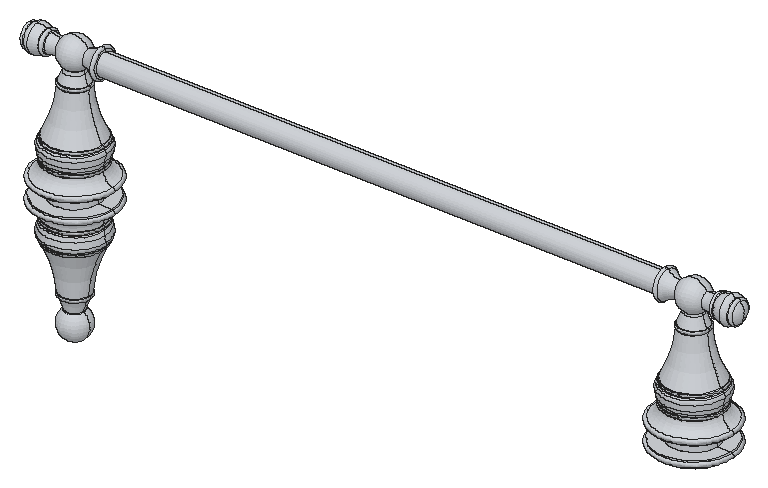
Revit family "Accessory-Towel_Bar-KOHLER-REVIVAL-K-72709T_12", category Specialty Equipment, host Face, Revit 2017
Family settings
  Host = Face
  Round Connector Dimension = Use Diameter
  Part Type = Normal
  OmniClass Number = 23.31.25.25
  OmniClass Title = Towel Bars
  Cut with Voids When Loaded = No
  Shared = No
  Room Calculation Point = No
Parameters (values of type "CP-Polished Chrome")
  Width = 17 251/256"  # constant formula
  WaterSense Certified = 1 = 0  # no
  URL = "http://www.kohler.com.cn/"
  Type = 1
  Product Page URL = ""
  Product Name = "REVIVAL"  # constant formula
  Product Documentation Link = ""
  Model = if(Type = 1, "K-72709T-CP", if(Type = 2, "K-72709T-AF", "NA"))  # "K-72709T-CP"
  Material = "Premium Metal Construction"  # constant formula
  Master Format 2014 Name = "Toilet, Bath, and Laundry Accessories"  # constant formula
  Master Format 2014 = "10 28 00"  # constant formula
  Manufacturer Address = "Kohler Beijing Office (100016) 36-2-03-B, No. 88, Liuxiang Road, Beijing"  # constant formula
  Manufacturer = "KOHLER Co."  # constant formula
  Length = 7 61/64"  # constant formula
  Height = 2 39/128"  # constant formula
  Finish = Kohler-Metal-CP-Polished_Chrome
  Environmental Product Declaration = ""
  Description = "REVIVAL TOWEL BAR AT VANITY"  # constant formula
  Default Elevation = 42"
  Declare Label = ""
  Date Modified = "04/21/2021"  # constant formula
  Date Created = "04/21/2021"  # constant formula
  Copyright = "Copyright KOHLER Co."  # constant formula
  Contact Us = "http://www.kohler.com.cn/contact/contact-us/"
  Assembly Code = "C1030200"
  ADA Compliant = 1 = 0  # no
Reference planes (in)
  plane 1 "Center (Front/Back)": y = 0
  plane 2: z = 0
  plane 3 "Center (Left/Right)": x = 0
  plane 4: y = 0.3125
  plane 5: y = -0.3125
  plane 6: x = -10.1395
  plane 7: x = -8.98969
  plane 8: x = -7.83997
  plane 9: z = 3.63229
  plane 10: z = 3.31979
  plane 11: z = -4.15453
  plane 12: x = -10.44014
  plane 13: z = 0.90551
  plane 14: x = 10.14045
  plane 15: x = 8.99078
  plane 16: x = 7.8389
  plane 17: x = 10.44014
  plane 18: y = 1.15156
  plane 19: y = 0.44201
  plane 20: y = -0.44201
  plane 21: y = -1.15313
  plane 22: y = 0.89967
  plane 23: y = -0.89967
  plane 24: z = -0.67376
  plane 25: z = -0.3588
  plane 26: z = 3.7986
  plane 27: z = 3.00729
Forms (in)
  Extrusion 1, void
    sketch origin (0, 0.00781, 0) x (1, 0, 0) y (0, 1, 0)
      loop
        circle (-8.98969, 0) r 0.75
    from -0.3937 to 0
  Extrusion 2, void
    sketch origin (0, 0, 0) x (1, 0, 0) y (0, 1, 0)
      loop
        circle (-8.98969, 0) r 1.15281
    from -4.1801 to -0.3937
  Extrusion 3, void
    sketch origin (0, 0, 0) x (1, 0, 0) y (0, 1, 0)
      loop
        circle (8.99078, 0) r 1.15223
    from -0.7078 to -0.39328
  Extrusion 4, void
    sketch origin (0, 0, 0) x (1, 0, 0) y (0, 1, 0)
      loop
        circle (8.99078, 0) r 0.75
    from -0.39328 to 0
Dimensions and locks (in)
  plane 11 to level = 4.15453"
  plane 10 to level = 3.31979"
  level to plane 25 = 0.3588"
  plane 25 to plane 11 = 3.79573"
  "Width": plane 7 to plane 15
  level to plane 24 = 0.67376"
  plane 6 to plane 8 = 2.29953"
  "Height": plane 21 to plane 18
  "Length": plane 26 to plane 11
  plane 12 to plane 17 = 20.88028"
  aligned and locked: plane 2 to host face
  aligned and locked: level to host face
Automatic sketch dimensions
  host sketch curve to host sketch curve = 96"  (x2)
  Extrusion 1 sketch curve to plane 7 = 0"
  Extrusion 1 sketch curve to plane 1 "Center (Front/Back)" = 1/128"
  plane 1 "Center (Front/Back)" to Extrusion 2 sketch curve = 0"
  Extrusion 2 sketch curve to plane 7 = 0"
  plane 1 "Center (Front/Back)" to Extrusion 3 sketch curve = 0"
  Extrusion 3 sketch curve to plane 15 = 0"
  plane 1 "Center (Front/Back)" to Extrusion 4 sketch curve = 0"
  Extrusion 4 sketch curve to plane 15 = 0"
  radius of Extrusion 1 sketch curve = 3/4"
  radius of Extrusion 2 sketch curve = 1.15281"
  radius of Extrusion 3 sketch curve = 1.15223"
  radius of Extrusion 4 sketch curve = 3/4"
Nested families (in)
  nested 1: "K-72709T" at (0, 0, 0), type "K-72709T"
Definition of nested family "K-72709T"
  Parameters (values of type "K-72709T")
    Material = none
  Reference planes (in)
    plane 1 "Center (Front/Back)": y = 0
    plane 2: z = 0
    plane 3 "Center (Left/Right)": x = 0
    plane 4: z = 3.31979
    plane 5: x = -8.98969
    plane 6: x = 8.98969
    plane 7: x = -10.07236
    plane 8: x = -10.44014
    plane 9: x = -10.25195
    plane 10: x = -10.32875
    plane 11: x = -9.77582
    plane 12: x = -9.68997
    plane 13: x = -9.39341
    plane 14: x = -8.54864
    plane 15: x = -8.2255
    plane 16: x = -8.12968
    plane 17: x = 8.12968
    plane 18: x = 8.2255
    plane 19: x = 8.58596
    plane 20: x = 9.39341
    plane 21: x = 9.68997
    plane 22: x = 9.77582
    plane 23: x = 10.25195
    plane 24: x = 10.32875
    plane 25: x = 10.44014
    plane 26: x = -8.58596
    plane 27: x = -9.37105
    plane 28: x = -8.60832
    plane 29: x = 8.60704
    plane 30: x = 9.37137
    plane 31: x = 9.8043
    plane 32: x = 10.20917
    plane 33: x = -10.20917
    plane 34: x = -9.8043
    plane 35: z = 3.63229
    plane 36: z = 3.00729
    plane 37: z = 2.572
    plane 38: z = 2.51616
    plane 39: z = 1.16168
    plane 40: z = 1.11546
    plane 41: z = 0.57505
    plane 42: z = 0.51723
    plane 43: z = 0.15877
    plane 44: z = 0.04021
    plane 45: z = -0.39328
    plane 46: z = 2.50561
    plane 47: z = 1.10167
    plane 48: z = 0.58623
    plane 49: z = -0.4334
    plane 50: z = -0.54974
    plane 51: z = -0.70824
    plane 52: x = -7.90701
    plane 53: z = -0.91051
    plane 54: z = -1.49495
    plane 55: z = -0.96833
    plane 56: z = -1.50874
    plane 57: z = -0.97951
    plane 58: z = -1.55496
    plane 59: z = -2.89889
    plane 60: z = -2.96528
    plane 61: z = -3.33592
    plane 62: z = -3.35886
    plane 63: z = 3.76166
    plane 64: z = 3.71964
    plane 65: z = 3.65993
    plane 66: z = 2.97965
    plane 67: z = 3.02037
    plane 68: z = 3.61921
    plane 69: z = 2.91983
    plane 70: z = -2.90944
    plane 71: z = -4.15453
    plane 72: x = -10.1395
    plane 73: x = -7.83997
    plane 74: x = 7.90675
    plane 75: x = 7.8389
    plane 76: x = 10.07263
    plane 77: x = 10.14045
    plane 78: y = 1.14969
    plane 79: y = 0.3125
    plane 80: y = -0.3125
    plane 81: y = -1.15004
    plane 82: y = 1.07883
    plane 83: y = 0.83508
    plane 84: y = 0.89967
    plane 85: y = -1.07883
    plane 86: y = -0.83508
    plane 87: y = -0.89967
  Forms (in)
    Revolve 1, solid, material <- "Material", detail levels medium+fine
      sketch origin (0, 0, 0.03937) x (1, 0, 0) y (0, 0, 1)
        loop
          line (-9.68555, -0.43265) -> (-10.07236, -0.43265) -> (-10.07236, -0.47202)
          arc (-10.07236, -0.47202) -> (-10.13942, -0.53357) -> (-10.06845, -0.59058) r 0.06
          arc (-10.06845, -0.59058) -> (-9.88693, -0.72006) -> (-9.81023, -0.92942) r 0.37722
          arc (-9.81023, -0.92942) -> (-9.81369, -0.94452) -> (-9.82458, -0.95553) r 0.02833
          arc (-9.82458, -0.95553) -> (-9.83977, -0.98037) -> (-9.82666, -1.00637) r 0.02993
          arc (-9.82666, -1.00637) -> (-9.81767, -1.01851) -> (-9.81826, -1.0336) r 0.02278
          arc (-9.81826, -1.0336) -> (-9.82765, -1.05879) -> (-9.83606, -1.08433) r 0.68842
          arc (-9.83606, -1.08433) -> (-9.85175, -1.13895) -> (-9.86536, -1.19413) r 1.50397
          arc (-9.86536, -1.19413) -> (-9.88124, -1.28179) -> (-9.88942, -1.37051) r 1.01991
          arc (-9.88942, -1.37051) -> (-9.88431, -1.42541) -> (-9.86415, -1.47673) r 0.19637
          arc (-9.86415, -1.47673) -> (-9.84829, -1.50001) -> (-9.82882, -1.52036) r 0.17054
          arc (-9.82882, -1.52036) -> (-9.82078, -1.53396) -> (-9.82218, -1.54969) r 0.02576
          arc (-9.82218, -1.54969) -> (-9.82272, -1.57187) -> (-9.80796, -1.58844) r 0.0302
          arc (-9.80796, -1.58844) -> (-9.79519, -1.59752) -> (-9.7857, -1.61001) r 0.05196
          arc (-9.7857, -1.61001) -> (-9.52315, -2.24592) -> (-9.40111, -2.923) r 3.23281
          arc (-9.40111, -2.923) -> (-9.40429, -2.93789) -> (-9.41494, -2.94878) r 0.02735
          arc (-9.41494, -2.94878) -> (-9.42923, -2.97958) -> (-9.40463, -3.00297) r 0.02911
          arc (-9.40463, -3.00297) -> (-9.39027, -3.00867) -> (-9.38016, -3.02037) r 0.03247
          arc (-9.38016, -3.02037) -> (-9.30397, -3.19304) -> (-9.24772, -3.37319) r 1.67157
          arc (-9.24772, -3.37319) -> (-9.24843, -3.38915) -> (-9.25778, -3.4021) r 0.02788
          arc (-9.25778, -3.4021) -> (-9.40707, -3.89379) -> (-8.98969, -4.19353) r 0.44134
          line (-8.98969, -4.19353) -> (-8.98969, 3.52105) -> (-9.25778, 3.52105) -> (-9.25778, 2.91325)
          arc (-9.25778, 2.91325) -> (-9.26176, 2.86092) -> (-9.27359, 2.8098) r 0.34645
          arc (-9.27359, 2.8098) -> (-9.32136, 2.67704) -> (-9.38016, 2.54877) r 1.67157
          arc (-9.38016, 2.54877) -> (-9.39027, 2.53708) -> (-9.40463, 2.53137) r 0.03247
          arc (-9.40463, 2.53137) -> (-9.42923, 2.50798) -> (-9.41494, 2.47718) r 0.02911
          arc (-9.41494, 2.47718) -> (-9.40429, 2.4663) -> (-9.40111, 2.4514) r 0.02735
          arc (-9.40111, 2.4514) -> (-9.52315, 1.77433) -> (-9.7857, 1.13841) r 3.23281
          arc (-9.7857, 1.13841) -> (-9.79519, 1.12593) -> (-9.80796, 1.11684) r 0.05196
          arc (-9.80796, 1.11684) -> (-9.82272, 1.10027) -> (-9.82218, 1.07809) r 0.0302
          arc (-9.82218, 1.07809) -> (-9.82078, 1.06236) -> (-9.82882, 1.04877) r 0.02576
          arc (-9.82882, 1.04877) -> (-9.84829, 1.02841) -> (-9.86415, 1.00514) r 0.17054
          arc (-9.86415, 1.00514) -> (-9.88431, 0.95382) -> (-9.88942, 0.89891) r 0.19637
          arc (-9.88942, 0.89891) -> (-9.88124, 0.8102) -> (-9.86536, 0.72254) r 1.01991
          arc (-9.86536, 0.72254) -> (-9.85175, 0.66736) -> (-9.83606, 0.61273) r 1.50397
          arc (-9.83606, 0.61273) -> (-9.82765, 0.5872) -> (-9.81826, 0.56201) r 0.68842
          arc (-9.81826, 0.56201) -> (-9.81767, 0.54691) -> (-9.82666, 0.53477) r 0.02278
          arc (-9.82666, 0.53477) -> (-9.83977, 0.50878) -> (-9.82458, 0.48394) r 0.02993
          arc (-9.82458, 0.48394) -> (-9.81369, 0.47292) -> (-9.81023, 0.45782) r 0.02833
          arc (-9.81023, 0.45782) -> (-9.88693, 0.24846) -> (-10.06845, 0.11898) r 0.37722
          arc (-10.06845, 0.11898) -> (-10.13942, 0.06198) -> (-10.07236, 0.00042) r 0.06
          line (-10.07236, 0.00042) -> (-10.07236, -0.03937) -> (-9.68555, -0.03937) -> (-9.67941, -0.43307)
        axis (-8.98969, 3.52105) -> (-8.98969, -4.19353)
      angle from 0 to 360
    Revolve 2, solid, material <- "Material", detail levels medium+fine
      sketch origin (0, 0, 0.03937) x (-1, 0, 0) y (0, 0, 1)
        loop
          line (-9.67942, -0.43265) -> (-10.07265, -0.43265) -> (-10.07265, -0.47267)
          arc (-10.07265, -0.47267) -> (-10.14113, -0.52805) -> (-10.08018, -0.59162) r 0.05981
          arc (-10.08018, -0.59162) -> (-9.97522, -0.62275) -> (-9.90779, -0.709) r 0.17975
          arc (-9.90779, -0.709) -> (-9.88613, -0.737) -> (-9.85235, -0.74761) r 0.05911
          line (-9.85235, -0.74761) -> (-8.98969, -0.74761) -> (-8.98969, 3.49215) -> (-9.24772, 3.49215) -> (-9.24772, 2.94228)
          arc (-9.24772, 2.94228) -> (-9.25063, 2.89974) -> (-9.2593, 2.85799) r 0.31247
          arc (-9.2593, 2.85799) -> (-9.31204, 2.70037) -> (-9.38016, 2.54877) r 1.67157
          arc (-9.38016, 2.54877) -> (-9.39027, 2.53708) -> (-9.40463, 2.53137) r 0.03247
          arc (-9.40463, 2.53137) -> (-9.42923, 2.50798) -> (-9.41494, 2.47718) r 0.02911
          arc (-9.41494, 2.47718) -> (-9.40429, 2.4663) -> (-9.40111, 2.4514) r 0.02735
          arc (-9.40111, 2.4514) -> (-9.52315, 1.77433) -> (-9.7857, 1.13841) r 3.23281
          arc (-9.7857, 1.13841) -> (-9.79519, 1.12593) -> (-9.80796, 1.11684) r 0.05196
          arc (-9.80796, 1.11684) -> (-9.82272, 1.10027) -> (-9.82218, 1.07809) r 0.0302
          arc (-9.82218, 1.07809) -> (-9.82078, 1.06236) -> (-9.82882, 1.04877) r 0.02576
          arc (-9.82882, 1.04877) -> (-9.84829, 1.02841) -> (-9.86415, 1.00514) r 0.17054
          arc (-9.86415, 1.00514) -> (-9.88431, 0.95382) -> (-9.88942, 0.89891) r 0.19637
          arc (-9.88942, 0.89891) -> (-9.88124, 0.8102) -> (-9.86536, 0.72254) r 1.01991
          arc (-9.86536, 0.72254) -> (-9.85175, 0.66736) -> (-9.83606, 0.61273) r 1.50397
          arc (-9.83606, 0.61273) -> (-9.82765, 0.5872) -> (-9.81826, 0.56201) r 0.68842
          arc (-9.81826, 0.56201) -> (-9.81767, 0.54691) -> (-9.82666, 0.53477) r 0.02278
          arc (-9.82666, 0.53477) -> (-9.83977, 0.50878) -> (-9.82458, 0.48394) r 0.02993
          arc (-9.82458, 0.48394) -> (-9.81369, 0.47292) -> (-9.81023, 0.45782) r 0.02833
          arc (-9.81023, 0.45782) -> (-9.88677, 0.24866) -> (-10.06797, 0.11914) r 0.37722
          arc (-10.06797, 0.11914) -> (-10.14025, 0.06278) -> (-10.07263, 0.00092) r 0.06
          line (-10.07263, 0.00092) -> (-10.07263, -0.03895) -> (-9.68555, -0.03895) -> (-9.67942, -0.43265)
        axis (-8.98969, 3.49215) -> (-8.98969, -0.74761)
      angle from 0 to 360
    Revolve 3, solid, material <- "Material", detail levels medium+fine
      sketch origin (0, 0, 0.03979) x (1, 0, 0) y (0, 0, 1)
        loop
          line (-10.44014, 3.28) -> (10.44014, 3.28)
          arc (10.44014, 3.28) -> (10.41136, 3.43973) -> (10.32875, 3.57942) r 0.45852
          arc (10.32875, 3.57942) -> (10.29263, 3.61844) -> (10.24184, 3.60268) r 0.04986
          arc (10.24184, 3.60268) -> (10.22475, 3.59572) -> (10.20917, 3.60561) r 0.02013
          arc (10.20917, 3.60561) -> (10.14438, 3.66528) -> (10.05727, 3.67828) r 0.14999
          arc (10.05727, 3.67828) -> (9.92778, 3.64853) -> (9.8043, 3.59948) r 0.87391
          arc (9.8043, 3.59948) -> (9.78924, 3.59738) -> (9.77582, 3.60455) r 0.02455
          arc (9.77582, 3.60455) -> (9.72103, 3.61637) -> (9.68961, 3.56995) r 0.05007
          arc (9.68961, 3.56995) -> (9.68473, 3.55517) -> (9.67201, 3.54619) r 0.02487
          arc (9.67201, 3.54619) -> (9.52336, 3.51288) -> (9.37137, 3.5025) r 1.00169
          arc (9.37137, 3.5025) -> (8.98872, 3.72186) -> (8.60704, 3.50083) r 0.44174
          arc (8.60704, 3.50083) -> (8.40643, 3.5695) -> (8.2255, 3.68004) r 0.97172
          arc (8.2255, 3.68004) -> (8.16679, 3.70835) -> (8.12968, 3.65475) r 0.05016
          line (8.12968, 3.65475) -> (8.12968, 3.5925) -> (-8.12968, 3.5925) -> (-8.12968, 3.65475)
          arc (-8.12968, 3.65475) -> (-8.16679, 3.70835) -> (-8.2255, 3.68004) r 0.05016
          arc (-8.2255, 3.68004) -> (-8.40643, 3.5695) -> (-8.60704, 3.50083) r 0.97172
          arc (-8.60704, 3.50083) -> (-8.98872, 3.72186) -> (-9.37137, 3.5025) r 0.44174
          arc (-9.37137, 3.5025) -> (-9.52336, 3.51288) -> (-9.67201, 3.54619) r 1.00169
          arc (-9.67201, 3.54619) -> (-9.68473, 3.55517) -> (-9.68961, 3.56995) r 0.02487
          arc (-9.68961, 3.56995) -> (-9.72103, 3.61637) -> (-9.77582, 3.60455) r 0.05007
          arc (-9.77582, 3.60455) -> (-9.78924, 3.59738) -> (-9.8043, 3.59948) r 0.02455
          arc (-9.8043, 3.59948) -> (-9.92778, 3.64853) -> (-10.05727, 3.67828) r 0.87391
          arc (-10.05727, 3.67828) -> (-10.14438, 3.66528) -> (-10.20917, 3.60561) r 0.14999
          arc (-10.20917, 3.60561) -> (-10.22475, 3.59572) -> (-10.24184, 3.60268) r 0.02013
          arc (-10.24184, 3.60268) -> (-10.29263, 3.61844) -> (-10.32875, 3.57942) r 0.04986
          arc (-10.32875, 3.57942) -> (-10.41136, 3.43973) -> (-10.44014, 3.28) r 0.45852
        axis (10.44014, 3.28) -> (-10.44014, 3.28)
      angle from 0 to 360
    Revolve 4, solid, material <- "Material", detail levels coarse
      sketch origin (0, 0, 0) x (1, 0, 0) y (0, 0, 1)
        loop
          line (-8.98969, -4.18901) -> (-8.98969, 3.56042) -> (-9.25778, 3.56042) -> (-9.25778, 2.95262) -> (-9.80646, 1.46791)
          arc (-9.80646, 1.46791) -> (-9.95272, 0.97291) -> (-10.03187, 0.46287) r 3.87325
          line (-10.03187, 0.46287) -> (-10.07236, 0) -> (-9.68555, 0) -> (-9.67941, -0.3937) -> (-10.07236, -0.3937) -> (-10.03187, -0.85657)
          arc (-10.03187, -0.85657) -> (-9.95272, -1.36661) -> (-9.80646, -1.86161) r 3.87325
          line (-9.80646, -1.86161) -> (-9.26133, -3.33673)
          arc (-9.26133, -3.33673) -> (-9.43694, -3.86213) -> (-8.98969, -4.18901) r 0.46943
        axis (-8.98969, 3.56042) -> (-8.98969, -4.18901)
      angle from 0 to 360
    Revolve 5, solid, material <- "Material", detail levels coarse
      sketch origin (0, 0, 0) x (-1, 0, 0) y (0, 0, 1)
        loop
          line (-8.98969, -0.70824) -> (-8.98969, 3.56042) -> (-9.25778, 3.56042) -> (-9.25778, 2.95262) -> (-9.80646, 1.46791)
          arc (-9.80646, 1.46791) -> (-9.95272, 0.97291) -> (-10.03187, 0.46287) r 3.87325
          line (-10.03187, 0.46287) -> (-10.07236, 0) -> (-9.68555, 0) -> (-9.67941, -0.3937) -> (-10.11585, -0.3937) -> (-10.11585, -0.70824) -> (-8.98969, -0.70824)
        axis (-8.98969, 3.56042) -> (-8.98969, -0.70824)
      angle from 0 to 360
    Revolve 6, solid, material <- "Material", detail levels coarse
      sketch origin (0, 0, 0) x (1, 0, 0) y (0, 0, 1)
        loop
          line (-10.44014, 3.31979) -> (10.44202, 3.31979) -> (10.44202, 3.7627) -> (8.12968, 3.7627) -> (8.12968, 3.6815) -> (-8.12781, 3.6815) -> (-8.12781, 3.7627) -> (-10.44014, 3.7627) -> (-10.44014, 3.31979)
        axis (-10.44014, 3.31979) -> (10.44202, 3.31979)
      angle from 0 to 360
  Cuts and joins
    joined: Revolve 1, Revolve 2, Revolve 3
    joined: Revolve 4, Revolve 5, Revolve 6
  Lines and regions (in)
    Masking region 1
      outline origin (0, 0, 0.03979) x (1, 0, 0) y (0, 0, 1)
        loop
          line (-9.67941, -0.43307) -> (-10.07236, -0.43307) -> (-10.07236, -0.47319)
          arc (-10.07236, -0.47319) -> (-10.1395, -0.53066) -> (-10.07378, -0.58975) r 0.05879
          arc (-10.07378, -0.58975) -> (-9.88887, -0.71877) -> (-9.81058, -0.93021) r 0.37722
          arc (-9.81058, -0.93021) -> (-9.81404, -0.9453) -> (-9.82493, -0.95632) r 0.02833
          arc (-9.82493, -0.95632) -> (-9.84012, -0.98116) -> (-9.82701, -1.00716) r 0.02993
          arc (-9.82701, -1.00716) -> (-9.81802, -1.0193) -> (-9.81861, -1.03439) r 0.02278
          arc (-9.81861, -1.03439) -> (-9.828, -1.05958) -> (-9.83641, -1.08512) r 0.68842
          arc (-9.83641, -1.08512) -> (-9.8521, -1.13974) -> (-9.86571, -1.19492) r 1.50397
          arc (-9.86571, -1.19492) -> (-9.88159, -1.28258) -> (-9.88977, -1.37129) r 1.01991
          arc (-9.88977, -1.37129) -> (-9.88466, -1.4262) -> (-9.8645, -1.47752) r 0.19637
          arc (-9.8645, -1.47752) -> (-9.84864, -1.5008) -> (-9.82917, -1.52115) r 0.17054
          arc (-9.82917, -1.52115) -> (-9.82113, -1.53474) -> (-9.82253, -1.55048) r 0.02576
          arc (-9.82253, -1.55048) -> (-9.82307, -1.57266) -> (-9.80831, -1.58922) r 0.0302
          arc (-9.80831, -1.58922) -> (-9.79554, -1.59831) -> (-9.78605, -1.6108) r 0.05196
          arc (-9.78605, -1.6108) -> (-9.5235, -2.24671) -> (-9.40145, -2.92378) r 3.23281
          arc (-9.40145, -2.92378) -> (-9.40464, -2.93868) -> (-9.41529, -2.94957) r 0.02735
          arc (-9.41529, -2.94957) -> (-9.42958, -2.98036) -> (-9.40498, -3.00376) r 0.02911
          arc (-9.40498, -3.00376) -> (-9.39062, -3.00946) -> (-9.38051, -3.02115) r 0.03247
          arc (-9.38051, -3.02115) -> (-9.30432, -3.19382) -> (-9.24807, -3.37398) r 1.67157
          arc (-9.24807, -3.37398) -> (-9.24878, -3.38993) -> (-9.25813, -3.40288) r 0.02788
          arc (-9.25813, -3.40288) -> (-8.98972, -4.19432) -> (-8.72023, -3.40325) r 0.44134
          arc (-8.72023, -3.40325) -> (-8.73017, -3.38944) -> (-8.73091, -3.37244) r 0.02971
          arc (-8.73091, -3.37244) -> (-8.67478, -3.19308) -> (-8.59886, -3.02116) r 1.67157
          arc (-8.59886, -3.02116) -> (-8.58876, -3.00946) -> (-8.57439, -3.00376) r 0.03249
          arc (-8.57439, -3.00376) -> (-8.54979, -2.98036) -> (-8.56408, -2.94957) r 0.02911
          arc (-8.56408, -2.94957) -> (-8.57473, -2.93868) -> (-8.57792, -2.92378) r 0.02735
          arc (-8.57792, -2.92378) -> (-8.45587, -2.24671) -> (-8.19332, -1.6108) r 3.23281
          arc (-8.19332, -1.6108) -> (-8.18383, -1.59831) -> (-8.17106, -1.58922) r 0.05196
          arc (-8.17106, -1.58922) -> (-8.1563, -1.57266) -> (-8.15684, -1.55048) r 0.0302
          arc (-8.15684, -1.55048) -> (-8.15824, -1.53474) -> (-8.1502, -1.52115) r 0.02576
          arc (-8.1502, -1.52115) -> (-8.13073, -1.5008) -> (-8.11487, -1.47752) r 0.17054
          arc (-8.11487, -1.47752) -> (-8.09471, -1.4262) -> (-8.0896, -1.37129) r 0.19637
          arc (-8.0896, -1.37129) -> (-8.09778, -1.28258) -> (-8.11366, -1.19492) r 1.01991
          arc (-8.11366, -1.19492) -> (-8.12727, -1.13974) -> (-8.14296, -1.08512) r 1.50397
          arc (-8.14296, -1.08512) -> (-8.15137, -1.05958) -> (-8.16076, -1.03439) r 0.68842
          arc (-8.16076, -1.03439) -> (-8.16135, -1.0193) -> (-8.15236, -1.00716) r 0.02278
          arc (-8.15236, -1.00716) -> (-8.13925, -0.98116) -> (-8.15444, -0.95632) r 0.02993
          arc (-8.15444, -0.95632) -> (-8.16533, -0.9453) -> (-8.16879, -0.93021) r 0.02833
          arc (-8.16879, -0.93021) -> (-8.0917, -0.72033) -> (-7.90934, -0.59096) r 0.37722
          arc (-7.90934, -0.59096) -> (-7.83998, -0.53289) -> (-7.90701, -0.47213) r 0.05999
          line (-7.90701, -0.47213) -> (-7.90701, -0.43307) -> (-8.29996, -0.43307) -> (-8.29383, -0.03979) -> (-7.90701, -0.03979) -> (-7.90701, 0.00042)
          arc (-7.90701, 0.00042) -> (-7.83995, 0.06207) -> (-7.91109, 0.11895) r 0.06
          arc (-7.91109, 0.11895) -> (-8.09242, 0.24845) -> (-8.16903, 0.45769) r 0.37722
          arc (-8.16903, 0.45769) -> (-8.16556, 0.47279) -> (-8.15467, 0.48381) r 0.02833
          arc (-8.15467, 0.48381) -> (-8.13949, 0.50865) -> (-8.1526, 0.53464) r 0.02993
          arc (-8.1526, 0.53464) -> (-8.16158, 0.54679) -> (-8.161, 0.56188) r 0.02278
          arc (-8.161, 0.56188) -> (-8.1516, 0.58707) -> (-8.14319, 0.6126) r 0.68842
          arc (-8.14319, 0.6126) -> (-8.12751, 0.66723) -> (-8.1139, 0.72241) r 1.50397
          arc (-8.1139, 0.72241) -> (-8.09801, 0.81007) -> (-8.08984, 0.89878) r 1.01991
          arc (-8.08984, 0.89878) -> (-8.09494, 0.95369) -> (-8.11511, 1.00501) r 0.19637
          arc (-8.11511, 1.00501) -> (-8.13096, 1.02829) -> (-8.15043, 1.04864) r 0.17054
          arc (-8.15043, 1.04864) -> (-8.15848, 1.06223) -> (-8.15707, 1.07796) r 0.02576
          arc (-8.15707, 1.07796) -> (-8.15653, 1.10015) -> (-8.17129, 1.11671) r 0.0302
          arc (-8.17129, 1.11671) -> (-8.18407, 1.1258) -> (-8.19355, 1.13828) r 0.05196
          arc (-8.19355, 1.13828) -> (-8.45611, 1.7742) -> (-8.57815, 2.45127) r 3.23281
          arc (-8.57815, 2.45127) -> (-8.57497, 2.46617) -> (-8.56431, 2.47705) r 0.02735
          arc (-8.56431, 2.47705) -> (-8.55002, 2.50785) -> (-8.57463, 2.53124) r 0.02911
          arc (-8.57463, 2.53124) -> (-8.58899, 2.53695) -> (-8.59909, 2.54864) r 0.03247
          arc (-8.59909, 2.54864) -> (-8.67529, 2.72131) -> (-8.73154, 2.90147) r 1.67157
          arc (-8.73154, 2.90147) -> (-8.73083, 2.91742) -> (-8.72147, 2.93037) r 0.02788
          arc (-8.72147, 2.93037) -> (-8.6585, 2.98934) -> (-8.6082, 3.05943) r 0.44134
          arc (-8.6082, 3.05943) -> (-8.40697, 2.99075) -> (-8.2255, 2.87996) r 0.97172
          arc (-8.2255, 2.87996) -> (-8.16679, 2.85165) -> (-8.12968, 2.90525) r 0.05016
          line (-8.12968, 2.90525) -> (-8.12968, 2.9675) -> (8.12968, 2.9675) -> (8.12968, 2.90525)
          arc (8.12968, 2.90525) -> (8.16679, 2.85165) -> (8.2255, 2.87996) r 0.05016
          arc (8.2255, 2.87996) -> (8.40705, 2.99079) -> (8.60836, 3.05946) r 0.97172
          arc (8.60836, 3.05946) -> (8.65865, 2.98943) -> (8.72159, 2.9305) r 0.44134
          arc (8.72159, 2.9305) -> (8.73094, 2.91755) -> (8.73165, 2.9016) r 0.02788
          arc (8.73165, 2.9016) -> (8.6754, 2.72144) -> (8.59921, 2.54877) r 1.67157
          arc (8.59921, 2.54877) -> (8.5891, 2.53708) -> (8.57474, 2.53137) r 0.03247
          arc (8.57474, 2.53137) -> (8.55014, 2.50798) -> (8.56443, 2.47718) r 0.02911
          arc (8.56443, 2.47718) -> (8.57508, 2.4663) -> (8.57826, 2.4514) r 0.02735
          arc (8.57826, 2.4514) -> (8.45622, 1.77433) -> (8.19367, 1.13841) r 3.23281
          arc (8.19367, 1.13841) -> (8.18418, 1.12593) -> (8.17141, 1.11684) r 0.05196
          arc (8.17141, 1.11684) -> (8.15665, 1.10027) -> (8.15719, 1.07809) r 0.0302
          arc (8.15719, 1.07809) -> (8.15859, 1.06236) -> (8.15055, 1.04877) r 0.02576
          arc (8.15055, 1.04877) -> (8.13108, 1.02841) -> (8.11522, 1.00514) r 0.17054
          arc (8.11522, 1.00514) -> (8.09506, 0.95382) -> (8.08995, 0.89891) r 0.19637
          arc (8.08995, 0.89891) -> (8.09813, 0.8102) -> (8.11401, 0.72254) r 1.01991
          arc (8.11401, 0.72254) -> (8.12762, 0.66736) -> (8.14331, 0.61273) r 1.50397
          arc (8.14331, 0.61273) -> (8.15172, 0.5872) -> (8.16111, 0.56201) r 0.68842
          arc (8.16111, 0.56201) -> (8.1617, 0.54691) -> (8.15271, 0.53477) r 0.02278
          arc (8.15271, 0.53477) -> (8.1396, 0.50878) -> (8.15479, 0.48394) r 0.02993
          arc (8.15479, 0.48394) -> (8.16568, 0.47292) -> (8.16914, 0.45782) r 0.02833
          arc (8.16914, 0.45782) -> (8.09244, 0.24846) -> (7.91092, 0.11898) r 0.37722
          arc (7.91092, 0.11898) -> (7.83891, 0.06214) -> (7.90675, 0.00039) r 0.06014
          line (7.90675, 0.00039) -> (7.90675, -0.03937) -> (8.29382, -0.03937) -> (8.29996, -0.43307) -> (7.90701, -0.43307) -> (7.90701, -0.47319)
          arc (7.90701, -0.47319) -> (7.83889, -0.52683) -> (7.89796, -0.59029) r 0.05893
          arc (7.89796, -0.59029) -> (8.00339, -0.62259) -> (8.07171, -0.70914) r 0.18498
          arc (8.07171, -0.70914) -> (8.09394, -0.73737) -> (8.12825, -0.74803) r 0.06054
          line (8.12825, -0.74803) -> (8.98969, -0.74803) -> (9.85112, -0.74803)
          arc (9.85112, -0.74803) -> (9.88543, -0.73737) -> (9.90766, -0.70914) r 0.06054
          arc (9.90766, -0.70914) -> (9.97598, -0.62259) -> (10.08141, -0.59029) r 0.18498
          arc (10.08141, -0.59029) -> (10.14048, -0.52683) -> (10.07236, -0.47319) r 0.05893
          line (10.07236, -0.47319) -> (10.07236, -0.43307) -> (9.67941, -0.43307) -> (9.68555, -0.03937) -> (10.07263, -0.03937) -> (10.07263, 0.00039)
          arc (10.07263, 0.00039) -> (10.14045, 0.06215) -> (10.06845, 0.11898) r 0.06014
          arc (10.06845, 0.11898) -> (9.88693, 0.24846) -> (9.81023, 0.45782) r 0.37722
          arc (9.81023, 0.45782) -> (9.81369, 0.47292) -> (9.82458, 0.48394) r 0.02833
          arc (9.82458, 0.48394) -> (9.83977, 0.50878) -> (9.82666, 0.53477) r 0.02993
          arc (9.82666, 0.53477) -> (9.81767, 0.54691) -> (9.81826, 0.56201) r 0.02278
          arc (9.81826, 0.56201) -> (9.82765, 0.5872) -> (9.83606, 0.61273) r 0.68842
          arc (9.83606, 0.61273) -> (9.85175, 0.66736) -> (9.86536, 0.72254) r 1.50397
          arc (9.86536, 0.72254) -> (9.88124, 0.8102) -> (9.88942, 0.89891) r 1.01991
          arc (9.88942, 0.89891) -> (9.88431, 0.95382) -> (9.86415, 1.00514) r 0.19637
          arc (9.86415, 1.00514) -> (9.84829, 1.02841) -> (9.82882, 1.04877) r 0.17054
          arc (9.82882, 1.04877) -> (9.82078, 1.06236) -> (9.82218, 1.07809) r 0.02576
          arc (9.82218, 1.07809) -> (9.82272, 1.10027) -> (9.80796, 1.11684) r 0.0302
          arc (9.80796, 1.11684) -> (9.79519, 1.12593) -> (9.7857, 1.13841) r 0.05196
          arc (9.7857, 1.13841) -> (9.52315, 1.77433) -> (9.40111, 2.4514) r 3.23281
          arc (9.40111, 2.4514) -> (9.40429, 2.4663) -> (9.41494, 2.47718) r 0.02735
          arc (9.41494, 2.47718) -> (9.42923, 2.50798) -> (9.40463, 2.53137) r 0.02911
          arc (9.40463, 2.53137) -> (9.39027, 2.53708) -> (9.38016, 2.54877) r 0.03247
          arc (9.38016, 2.54877) -> (9.30397, 2.72144) -> (9.24772, 2.9016) r 1.67157
          arc (9.24772, 2.9016) -> (9.24843, 2.91755) -> (9.25778, 2.9305) r 0.02788
          arc (9.25778, 2.9305) -> (9.31997, 2.98857) -> (9.36985, 3.05749) r 0.44134
          arc (9.36985, 3.05749) -> (9.52261, 3.04723) -> (9.67201, 3.01381) r 1.00169
          arc (9.67201, 3.01381) -> (9.68473, 3.00483) -> (9.68961, 2.99005) r 0.02487
          arc (9.68961, 2.99005) -> (9.72103, 2.94363) -> (9.77582, 2.95545) r 0.05007
          arc (9.77582, 2.95545) -> (9.78924, 2.96262) -> (9.8043, 2.96052) r 0.02455
          arc (9.8043, 2.96052) -> (9.92778, 2.91147) -> (10.05727, 2.88172) r 0.87391
          arc (10.05727, 2.88172) -> (10.14438, 2.89472) -> (10.20917, 2.95439) r 0.14999
          arc (10.20917, 2.95439) -> (10.22475, 2.96428) -> (10.24184, 2.95732) r 0.02013
          arc (10.24184, 2.95732) -> (10.29263, 2.94156) -> (10.32875, 2.98058) r 0.04986
          arc (10.32875, 2.98058) -> (10.41136, 3.12027) -> (10.44014, 3.28) r 0.45852
          arc (10.44014, 3.28) -> (10.41136, 3.43973) -> (10.32875, 3.57942) r 0.45852
          arc (10.32875, 3.57942) -> (10.29263, 3.61844) -> (10.24184, 3.60268) r 0.04986
          arc (10.24184, 3.60268) -> (10.22475, 3.59572) -> (10.20917, 3.60561) r 0.02013
          arc (10.20917, 3.60561) -> (10.14438, 3.66528) -> (10.05727, 3.67828) r 0.14999
          arc (10.05727, 3.67828) -> (9.92778, 3.64853) -> (9.8043, 3.59948) r 0.87391
          arc (9.8043, 3.59948) -> (9.78924, 3.59738) -> (9.77582, 3.60455) r 0.02455
          arc (9.77582, 3.60455) -> (9.72103, 3.61637) -> (9.68961, 3.56995) r 0.05007
          arc (9.68961, 3.56995) -> (9.68473, 3.55517) -> (9.67201, 3.54619) r 0.02487
          arc (9.67201, 3.54619) -> (9.52336, 3.51288) -> (9.37137, 3.5025) r 1.00169
          arc (9.37137, 3.5025) -> (8.98872, 3.72186) -> (8.60704, 3.50083) r 0.44174
          arc (8.60704, 3.50083) -> (8.40643, 3.5695) -> (8.2255, 3.68004) r 0.97172
          arc (8.2255, 3.68004) -> (8.16679, 3.70835) -> (8.12968, 3.65475) r 0.05016
          line (8.12968, 3.65475) -> (8.12968, 3.5925) -> (-8.12968, 3.5925) -> (-8.12968, 3.65475)
          arc (-8.12968, 3.65475) -> (-8.16679, 3.70835) -> (-8.2255, 3.68004) r 0.05016
          arc (-8.2255, 3.68004) -> (-8.40643, 3.5695) -> (-8.60704, 3.50083) r 0.97172
          arc (-8.60704, 3.50083) -> (-8.98872, 3.72186) -> (-9.37137, 3.5025) r 0.44174
          arc (-9.37137, 3.5025) -> (-9.52336, 3.51288) -> (-9.67201, 3.54619) r 1.00169
          arc (-9.67201, 3.54619) -> (-9.68473, 3.55517) -> (-9.68961, 3.56995) r 0.02487
          arc (-9.68961, 3.56995) -> (-9.72103, 3.61637) -> (-9.77582, 3.60455) r 0.05007
          arc (-9.77582, 3.60455) -> (-9.78924, 3.59738) -> (-9.8043, 3.59948) r 0.02455
          arc (-9.8043, 3.59948) -> (-9.92778, 3.64853) -> (-10.05727, 3.67828) r 0.87391
          arc (-10.05727, 3.67828) -> (-10.14438, 3.66528) -> (-10.20917, 3.60561) r 0.14999
          arc (-10.20917, 3.60561) -> (-10.22475, 3.59572) -> (-10.24184, 3.60268) r 0.02013
          arc (-10.24184, 3.60268) -> (-10.29263, 3.61844) -> (-10.32875, 3.57942) r 0.04986
          arc (-10.32875, 3.57942) -> (-10.41136, 3.43973) -> (-10.44014, 3.28) r 0.45852
          arc (-10.44014, 3.28) -> (-10.41136, 3.12027) -> (-10.32875, 2.98058) r 0.45852
          arc (-10.32875, 2.98058) -> (-10.29263, 2.94156) -> (-10.24184, 2.95732) r 0.04986
          arc (-10.24184, 2.95732) -> (-10.22475, 2.96428) -> (-10.20917, 2.95439) r 0.02013
          arc (-10.20917, 2.95439) -> (-10.14438, 2.89472) -> (-10.05727, 2.88172) r 0.14999
          arc (-10.05727, 2.88172) -> (-9.92778, 2.91147) -> (-9.8043, 2.96052) r 0.87391
          arc (-9.8043, 2.96052) -> (-9.78924, 2.96262) -> (-9.77582, 2.95545) r 0.02455
          arc (-9.77582, 2.95545) -> (-9.72103, 2.94363) -> (-9.68961, 2.99005) r 0.05007
          arc (-9.68961, 2.99005) -> (-9.68473, 3.00483) -> (-9.67201, 3.01381) r 0.02487
          arc (-9.67201, 3.01381) -> (-9.52292, 3.04718) -> (-9.37049, 3.05749) r 1.00169
          arc (-9.37049, 3.05749) -> (-9.3205, 2.9883) -> (-9.25813, 2.93002) r 0.44134
          arc (-9.25813, 2.93002) -> (-9.24878, 2.91707) -> (-9.24807, 2.90112) r 0.02788
          arc (-9.24807, 2.90112) -> (-9.30432, 2.72096) -> (-9.38051, 2.54829) r 1.67157
          arc (-9.38051, 2.54829) -> (-9.39061, 2.5366) -> (-9.40498, 2.53089) r 0.03247
          arc (-9.40498, 2.53089) -> (-9.42958, 2.5075) -> (-9.41529, 2.4767) r 0.02911
          arc (-9.41529, 2.4767) -> (-9.40464, 2.46582) -> (-9.40145, 2.45092) r 0.02735
          arc (-9.40145, 2.45092) -> (-9.5235, 1.77385) -> (-9.78605, 1.13793) r 3.23281
          arc (-9.78605, 1.13793) -> (-9.79554, 1.12545) -> (-9.80831, 1.11636) r 0.05196
          arc (-9.80831, 1.11636) -> (-9.82307, 1.09979) -> (-9.82253, 1.07761) r 0.0302
          arc (-9.82253, 1.07761) -> (-9.82113, 1.06188) -> (-9.82917, 1.04829) r 0.02576
          arc (-9.82917, 1.04829) -> (-9.84864, 1.02794) -> (-9.8645, 1.00466) r 0.17054
          arc (-9.8645, 1.00466) -> (-9.88466, 0.95334) -> (-9.88977, 0.89843) r 0.19637
          arc (-9.88977, 0.89843) -> (-9.88159, 0.80972) -> (-9.86571, 0.72206) r 1.01991
          arc (-9.86571, 0.72206) -> (-9.8521, 0.66688) -> (-9.83641, 0.61225) r 1.50397
          arc (-9.83641, 0.61225) -> (-9.828, 0.58672) -> (-9.81861, 0.56153) r 0.68842
          arc (-9.81861, 0.56153) -> (-9.81802, 0.54644) -> (-9.82701, 0.53429) r 0.02278
          arc (-9.82701, 0.53429) -> (-9.84012, 0.5083) -> (-9.82493, 0.48346) r 0.02993
          arc (-9.82493, 0.48346) -> (-9.81404, 0.47244) -> (-9.81058, 0.45734) r 0.02833
          arc (-9.81058, 0.45734) -> (-9.88695, 0.24842) -> (-10.06776, 0.11885) r 0.37722
          arc (-10.06776, 0.11885) -> (-10.13941, 0.06233) -> (-10.07236, 0.00042) r 0.06
          line (-10.07236, 0.00042) -> (-10.07236, -0.03979) -> (-9.68554, -0.03979) -> (-9.67941, -0.43307)
    Masking region 2
      outline origin (0, 0, 0.03979) x (0, 1, 0) y (0, 0, 1)
        loop
          line (0.68973, -0.43307) -> (0.69586, -0.03979) -> (1.08268, -0.03979) -> (1.08268, 0.00042)
          arc (1.08268, 0.00042) -> (1.14972, 0.06233) -> (1.07808, 0.11885) r 0.06
          arc (1.07808, 0.11885) -> (0.89726, 0.24842) -> (0.82089, 0.45734) r 0.37722
          arc (0.82089, 0.45734) -> (0.82436, 0.47244) -> (0.83525, 0.48346) r 0.02833
          arc (0.83525, 0.48346) -> (0.85043, 0.5083) -> (0.83732, 0.53429) r 0.02993
          arc (0.83732, 0.53429) -> (0.82834, 0.54644) -> (0.82892, 0.56153) r 0.02278
          arc (0.82892, 0.56153) -> (0.83832, 0.58672) -> (0.84673, 0.61225) r 0.68842
          arc (0.84673, 0.61225) -> (0.86241, 0.66688) -> (0.87602, 0.72206) r 1.50397
          arc (0.87602, 0.72206) -> (0.89191, 0.80972) -> (0.90008, 0.89843) r 1.01991
          arc (0.90008, 0.89843) -> (0.89498, 0.95334) -> (0.87481, 1.00466) r 0.19637
          arc (0.87481, 1.00466) -> (0.85896, 1.02794) -> (0.83949, 1.04829) r 0.17054
          arc (0.83949, 1.04829) -> (0.83144, 1.06188) -> (0.83285, 1.07761) r 0.02576
          arc (0.83285, 1.07761) -> (0.83339, 1.0998) -> (0.81863, 1.11636) r 0.0302
          arc (0.81863, 1.11636) -> (0.80585, 1.12545) -> (0.79637, 1.13793) r 0.05196
          arc (0.79637, 1.13793) -> (0.53381, 1.77385) -> (0.41177, 2.45092) r 3.23281
          arc (0.41177, 2.45092) -> (0.41495, 2.46582) -> (0.42561, 2.4767) r 0.02735
          arc (0.42561, 2.4767) -> (0.4399, 2.5075) -> (0.41529, 2.53089) r 0.02911
          arc (0.41529, 2.53089) -> (0.40093, 2.5366) -> (0.39083, 2.54829) r 0.03247
          arc (0.39083, 2.54829) -> (0.31473, 2.72071) -> (0.25852, 2.90059) r 1.67157
          arc (0.25852, 2.90059) -> (0.25922, 2.9165) -> (0.26856, 2.9294) r 0.02776
          arc (0.26856, 2.9294) -> (-0.00001, 3.72186) -> (-0.26855, 2.92939) r 0.44174
          arc (-0.26855, 2.92939) -> (-0.25914, 2.91639) -> (-0.25843, 2.90035) r 0.02797
          arc (-0.25843, 2.90035) -> (-0.3146, 2.72077) -> (-0.39059, 2.54864) r 1.67157
          arc (-0.39059, 2.54864) -> (-0.40069, 2.53695) -> (-0.41506, 2.53124) r 0.03247
          arc (-0.41506, 2.53124) -> (-0.43966, 2.50785) -> (-0.42537, 2.47705) r 0.02911
          arc (-0.42537, 2.47705) -> (-0.41472, 2.46617) -> (-0.41153, 2.45127) r 0.02735
          arc (-0.41153, 2.45127) -> (-0.53358, 1.7742) -> (-0.79613, 1.13828) r 3.23281
          arc (-0.79613, 1.13828) -> (-0.80561, 1.1258) -> (-0.81839, 1.11671) r 0.05196
          arc (-0.81839, 1.11671) -> (-0.83315, 1.10015) -> (-0.83261, 1.07796) r 0.0302
          arc (-0.83261, 1.07796) -> (-0.83121, 1.06223) -> (-0.83925, 1.04864) r 0.02576
          arc (-0.83925, 1.04864) -> (-0.85872, 1.02829) -> (-0.87458, 1.00501) r 0.17054
          arc (-0.87458, 1.00501) -> (-0.89474, 0.95369) -> (-0.89985, 0.89878) r 0.19637
          arc (-0.89985, 0.89878) -> (-0.89167, 0.81007) -> (-0.87579, 0.72241) r 1.01991
          arc (-0.87579, 0.72241) -> (-0.86218, 0.66723) -> (-0.84649, 0.6126) r 1.50397
          arc (-0.84649, 0.6126) -> (-0.83808, 0.58707) -> (-0.82869, 0.56188) r 0.68842
          arc (-0.82869, 0.56188) -> (-0.8281, 0.54679) -> (-0.83709, 0.53464) r 0.02278
          arc (-0.83709, 0.53464) -> (-0.8502, 0.50865) -> (-0.83501, 0.48381) r 0.02993
          arc (-0.83501, 0.48381) -> (-0.82412, 0.47279) -> (-0.82066, 0.45769) r 0.02833
          arc (-0.82066, 0.45769) -> (-0.89726, 0.24845) -> (-1.07859, 0.11895) r 0.37722
          arc (-1.07859, 0.11895) -> (-1.14973, 0.06207) -> (-1.08268, 0.00042) r 0.06
          line (-1.08268, 0.00042) -> (-1.08268, -0.03979) -> (-0.69586, -0.03979) -> (-0.68973, -0.43307)
        loop
          line (0.69586, -0.43307) -> (1.08268, -0.43307) -> (1.08268, -0.47328)
          arc (1.08268, -0.47328) -> (1.14972, -0.53519) -> (1.07808, -0.59171) r 0.06
          arc (1.07808, -0.59171) -> (0.89726, -0.72128) -> (0.82089, -0.93021) r 0.37722
          arc (0.82089, -0.93021) -> (0.82436, -0.9453) -> (0.83525, -0.95632) r 0.02833
          arc (0.83525, -0.95632) -> (0.85043, -0.98116) -> (0.83732, -1.00716) r 0.02993
          arc (0.83732, -1.00716) -> (0.82834, -1.0193) -> (0.82892, -1.03439) r 0.02278
          arc (0.82892, -1.03439) -> (0.83832, -1.05958) -> (0.84673, -1.08512) r 0.68842
          arc (0.84673, -1.08512) -> (0.86241, -1.13974) -> (0.87602, -1.19492) r 1.50397
          arc (0.87602, -1.19492) -> (0.89191, -1.28258) -> (0.90008, -1.37129) r 1.01991
          arc (0.90008, -1.37129) -> (0.89498, -1.4262) -> (0.87481, -1.47752) r 0.19637
          arc (0.87481, -1.47752) -> (0.85896, -1.5008) -> (0.83949, -1.52115) r 0.17054
          arc (0.83949, -1.52115) -> (0.83144, -1.53474) -> (0.83285, -1.55048) r 0.02576
          arc (0.83285, -1.55048) -> (0.83339, -1.57266) -> (0.81863, -1.58922) r 0.0302
          arc (0.81863, -1.58922) -> (0.80585, -1.59831) -> (0.79637, -1.6108) r 0.05196
          arc (0.79637, -1.6108) -> (0.53381, -2.24671) -> (0.41177, -2.92378) r 3.23281
          arc (0.41177, -2.92378) -> (0.41495, -2.93868) -> (0.42561, -2.94957) r 0.02735
          arc (0.42561, -2.94957) -> (0.4399, -2.98036) -> (0.41529, -3.00376) r 0.02911
          arc (0.41529, -3.00376) -> (0.40093, -3.00946) -> (0.39083, -3.02116) r 0.03247
          arc (0.39083, -3.02116) -> (0.31473, -3.19357) -> (0.25852, -3.37345) r 1.67157
          arc (0.25852, -3.37345) -> (0.25922, -3.38936) -> (0.26856, -3.40226) r 0.02776
          arc (0.26856, -3.40226) -> (-0.00001, -4.19473) -> (-0.26855, -3.40225) r 0.44174
          arc (-0.26855, -3.40225) -> (-0.25914, -3.38925) -> (-0.25843, -3.37321) r 0.02797
          arc (-0.25843, -3.37321) -> (-0.3146, -3.19363) -> (-0.39059, -3.02151) r 1.67157
          arc (-0.39059, -3.02151) -> (-0.40069, -3.00981) -> (-0.41506, -3.00411) r 0.03247
          arc (-0.41506, -3.00411) -> (-0.43966, -2.98071) -> (-0.42537, -2.94992) r 0.02911
          arc (-0.42537, -2.94992) -> (-0.41472, -2.93903) -> (-0.41153, -2.92413) r 0.02735
          arc (-0.41153, -2.92413) -> (-0.53358, -2.24706) -> (-0.79613, -1.61115) r 3.23281
          arc (-0.79613, -1.61115) -> (-0.80561, -1.59866) -> (-0.81839, -1.58957) r 0.05196
          arc (-0.81839, -1.58957) -> (-0.83315, -1.57301) -> (-0.83261, -1.55083) r 0.0302
          arc (-0.83261, -1.55083) -> (-0.83121, -1.53509) -> (-0.83925, -1.5215) r 0.02576
          arc (-0.83925, -1.5215) -> (-0.85872, -1.50115) -> (-0.87458, -1.47787) r 0.17054
          arc (-0.87458, -1.47787) -> (-0.89474, -1.42655) -> (-0.89985, -1.37164) r 0.19637
          arc (-0.89985, -1.37164) -> (-0.89167, -1.28293) -> (-0.87579, -1.19527) r 1.01991
          arc (-0.87579, -1.19527) -> (-0.86218, -1.14009) -> (-0.84649, -1.08547) r 1.50397
          arc (-0.84649, -1.08547) -> (-0.83808, -1.05993) -> (-0.82869, -1.03474) r 0.68842
          arc (-0.82869, -1.03474) -> (-0.8281, -1.01965) -> (-0.83709, -1.00751) r 0.02278
          arc (-0.83709, -1.00751) -> (-0.8502, -0.98151) -> (-0.83501, -0.95667) r 0.02993
          arc (-0.83501, -0.95667) -> (-0.82412, -0.94565) -> (-0.82066, -0.93056) r 0.02833
          arc (-0.82066, -0.93056) -> (-0.89726, -0.72131) -> (-1.07859, -0.59181) r 0.37722
          arc (-1.07859, -0.59181) -> (-1.14973, -0.53493) -> (-1.08268, -0.47328) r 0.06
          line (-1.08268, -0.47328) -> (-1.08268, -0.43307) -> (-0.69586, -0.43307)
    Masking region 3
      outline origin (0, 0, 0) x (1, 0, 0) y (0, 1, 0)
        loop
          arc (-10.44014, 0) -> (-10.41136, -0.15973) -> (-10.32875, -0.29942) r 0.45852
          arc (-10.32875, -0.29942) -> (-10.29263, -0.33844) -> (-10.24184, -0.32268) r 0.04986
          arc (-10.24184, -0.32268) -> (-10.22475, -0.31572) -> (-10.20917, -0.32561) r 0.02013
          arc (-10.20917, -0.32561) -> (-10.14909, -0.38292) -> (-10.06774, -0.39949) r 0.14999
          arc (-10.06774, -0.39949) -> (-8.94394, -1.14878) -> (-7.88328, -0.3125) r 1.14969
          line (-7.88328, -0.3125) -> (7.88327, -0.3125)
          arc (7.88327, -0.3125) -> (8.94394, -1.14879) -> (10.06775, -0.39949) r 1.1497
          arc (10.06775, -0.39949) -> (10.1491, -0.38292) -> (10.20917, -0.32561) r 0.14999
          arc (10.20917, -0.32561) -> (10.22475, -0.31572) -> (10.24184, -0.32268) r 0.02013
          arc (10.24184, -0.32268) -> (10.29263, -0.33844) -> (10.32875, -0.29942) r 0.04986
          arc (10.32875, -0.29942) -> (10.41136, -0.15973) -> (10.44014, 0) r 0.45852
          arc (10.44014, 0) -> (10.41136, 0.15973) -> (10.32875, 0.29942) r 0.45852
          arc (10.32875, 0.29942) -> (10.29263, 0.33844) -> (10.24184, 0.32268) r 0.04986
          arc (10.24184, 0.32268) -> (10.22475, 0.31572) -> (10.20917, 0.32561) r 0.02013
          arc (10.20917, 0.32561) -> (10.1491, 0.38292) -> (10.06775, 0.39949) r 0.14999
          arc (10.06775, 0.39949) -> (8.94394, 1.14879) -> (7.88327, 0.3125) r 1.1497
          line (7.88327, 0.3125) -> (-7.88328, 0.3125)
          arc (-7.88328, 0.3125) -> (-8.94394, 1.14878) -> (-10.06774, 0.39949) r 1.14969
          arc (-10.06774, 0.39949) -> (-10.14909, 0.38292) -> (-10.20917, 0.32561) r 0.14999
          arc (-10.20917, 0.32561) -> (-10.22475, 0.31572) -> (-10.24184, 0.32268) r 0.02013
          arc (-10.24184, 0.32268) -> (-10.29263, 0.33844) -> (-10.32875, 0.29942) r 0.04986
          arc (-10.32875, 0.29942) -> (-10.41136, 0.15973) -> (-10.44014, 0) r 0.45852
    symbolic lines, detail levels medium+fine
      curve 1: line (-10.32875, 0, 3.02037) -> (-10.32875, 0, 3.61921)
      curve 2: line (-7.90836, 0, 0.15877) -> (-10.06719, 0, 0.15877)
      curve 3: line (-10.25195, 0, 3.65141) -> (-10.25195, 0, 2.98769)
      curve 4: line (-9.68997, 0, 3.61099) -> (-9.68997, 0, 3.02725)
      curve 5: arc (-9.25774, 0, 2.96818) -> (-8.98992, 0, 2.8771) -> (-8.7221, 0, 2.96818) r 0.43931
      curve 6: line (-8.12968, 0, 3.00729) -> (-8.12968, 0, 3.63229)
      curve 7: line (-8.2255, 0, 2.91975) -> (-8.2255, 0, 3.71983)
      curve 8: line (-9.40498, 0, 2.572) -> (-8.57935, 0, 2.572)
      curve 9: line (-9.79934, 0, 1.16168) -> (-8.18003, 0, 1.16168)
      curve 10: line (-8.15707, 0, 1.11546) -> (-9.82143, 0, 1.11546)
      curve 11: line (-9.82551, 0, 0.57505) -> (-8.15353, 0, 0.57505)
      curve 12: line (-10.08655, 0, 0.04021) -> (-7.89282, 0, 0.04021)
      curve 13: line (-9.68555, 0, 0) -> (-8.29382, 0, 0)
      curve 14: line (-8.29996, 0, -0.39328) -> (-9.67941, 0, -0.39328)
      curve 15: line (-10.07236, 0, -0.4334) -> (-7.90701, 0, -0.4334)
      curve 16: line (-10.08141, 0, -0.5505) -> (-7.89796, 0, -0.5505)
      curve 17: line (-9.77582, 0, 2.99524) -> (-9.77582, 0, 3.64434)
      curve 18: line (10.32875, 0, 3.02037) -> (10.32875, 0, 3.61921)
      curve 19: line (7.91092, 0, 0.15877) -> (10.06845, 0, 0.15877)
      curve 20: line (10.25195, 0, 3.65141) -> (10.25195, 0, 2.98769)
      curve 21: line (9.68997, 0, 3.61099) -> (9.68997, 0, 3.02725)
      curve 22: arc (9.25774, 0, 2.96818) -> (8.98992, 0, 2.8771) -> (8.7221, 0, 2.96818) r 0.43931
      curve 23: line (8.12968, 0, 3.00729) -> (8.12968, 0, 3.63229)
      curve 24: line (8.2255, 0, 2.91975) -> (8.2255, 0, 3.71983)
      curve 25: line (9.40498, 0, 2.572) -> (8.58462, 0, 2.572)
      curve 26: line (9.41529, 0, 2.51616) -> (8.56495, 0, 2.51616)
      curve 27: line (9.80831, 0, 1.16168) -> (8.17062, 0, 1.16168)
      curve 28: line (8.15707, 0, 1.11546) -> (9.82268, 0, 1.11546)
      curve 29: line (9.82701, 0, 0.57505) -> (8.15209, 0, 0.57505)
      curve 30: line (9.82493, 0, 0.51723) -> (8.15531, 0, 0.51723)
      curve 31: line (10.07236, 0, 0.04021) -> (7.90701, 0, 0.04021)
      curve 32: line (9.68555, 0, 0.00042) -> (8.29382, 0, 0.00042)
      curve 33: line (8.29996, 0, -0.39328) -> (9.67941, 0, -0.39328)
      curve 34: line (10.07236, 0, -0.4334) -> (7.90701, 0, -0.4334)
      curve 35: line (10.08141, 0, -0.54974) -> (7.89796, 0, -0.54974)
      curve 36: line (9.77582, 0, 2.99524) -> (9.77582, 0, 3.64434)
      curve 37: line (0, 1.08589, -0.54974) -> (0, -1.07214, -0.54974)
      curve 38: line (0, 0.69586, 0) -> (0, -0.69586, 0)
      curve 39: line (0, 1.08268, 0.04021) -> (0, -1.08268, 0.04021)
      curve 40: line (0, -1.07877, 0.15877) -> (0, 1.08268, 0.15877)
      curve 41: line (0, 0.83644, 0.57505) -> (0, -0.8363, 0.57505)
      curve 42: line (0, -0.82724, 0.51723) -> (0, 0.82724, 0.51723)
      curve 43: line (0, 0.83237, 1.11546) -> (0, -0.83285, 1.11546)
      curve 44: line (0, -0.81143, 1.16168) -> (0, 0.81085, 1.16168)
      curve 45: line (0, 0.40965, 2.572) -> (0, -0.40628, 2.572)
      curve 46: line (0, 0.42484, 2.51616) -> (0, -0.42237, 2.51616)
      curve 47: circle (0, 0, 3.31979) r 0.40004 normal (-1, 0, 0)
      curve 48: circle (0, 0, 3.31979) r 0.34014 normal (1, 0, 0)
      curve 49: circle (0, 0, 3.31979) r 0.29942 normal (1, 0, 0)
      curve 50: arc (0, 0.26402, 2.96647) -> (0, -0.00024, 2.88012) -> (0, -0.26451, 2.96647) r 0.44756
      curve 51: line (0, 0.68973, -0.39328) -> (0, -0.68973, -0.39328)
      curve 52: line (0, 1.08268, -0.4334) -> (0, -1.08268, -0.4334)
      curve 53: line (10.20917, 0, 3.6454) -> (10.20917, 0, 2.99418)
      curve 54: line (9.8043, 0, 3.63928) -> (9.8043, 0, 3.00031)
      curve 55: line (-10.20917, 0, 3.6454) -> (-10.20917, 0, 2.99418)
      curve 56: line (-9.8043, 0, 3.63928) -> (-9.8043, 0, 3.00031)
      curve 57: line (-9.37105, 0, 3.54284) -> (-9.37105, 0, 3.09729)
      curve 58: line (-9.39341, 0, 3.54356) -> (-9.39341, 0, 3.09602)
      curve 59: line (-8.60832, 0, 3.54284) -> (-8.60832, 0, 3.09729)
      curve 60: line (-8.58596, 0, 3.54356) -> (-8.58596, 0, 3.09602)
      curve 61: line (8.60704, 0, 3.54062) -> (8.60704, 0, 3.09896)
      curve 62: line (9.37137, 0, 3.54229) -> (9.37137, 0, 3.09729)
      curve 63: line (9.39341, 0, 3.54356) -> (9.39341, 0, 3.09602)
      curve 64: line (8.58596, 0, 3.54356) -> (8.58596, 0, 3.09602)
      curve 65: line (0, 0.83144, 1.10167) -> (0, -0.83129, 1.10167)
      curve 66: line (0, 0.82834, 0.58623) -> (0, -0.82821, 0.58623)
      curve 67: line (0, 0.41495, 2.50561) -> (0, -0.41453, 2.50561)
      curve 68: line (-9.40426, 0, 2.50561) -> (-8.57511, 0, 2.50561)
      curve 69: line (-9.82079, 0, 1.10167) -> (-8.15839, 0, 1.10167)
      curve 70: line (-9.81769, 0, 0.58623) -> (-8.16168, 0, 0.58623)
      curve 71: line (-9.81715, 0, 0.51723) -> (-8.16223, 0, 0.51723)
      curve 72: line (8.15653, 0, 1.10167) -> (9.82268, 0, 1.10167)
      curve 73: line (9.81767, 0, 0.58623) -> (8.1617, 0, 0.58623)
      curve 74: line (-9.40498, 0, -2.96528) -> (-8.57935, 0, -2.96528)
      curve 75: line (-9.79934, 0, -1.55496) -> (-8.18003, 0, -1.55496)
      curve 76: line (-8.15707, 0, -1.50874) -> (-9.82143, 0, -1.50874)
      curve 77: line (-9.82551, 0, -0.96833) -> (-8.15353, 0, -0.96833)
      curve 78: line (-9.40426, 0, -2.89889) -> (-8.57511, 0, -2.89889)
      curve 79: line (-9.82079, 0, -1.49495) -> (-8.15839, 0, -1.49495)
      curve 80: line (-9.81769, 0, -0.97951) -> (-8.16168, 0, -0.97951)
      curve 81: line (-9.81715, 0, -0.91051) -> (-8.16223, 0, -0.91051)
      curve 82: line (-9.24717, 0, -3.33592) -> (-8.73173, 0, -3.33592)
      curve 83: line (-9.25461, 0, -3.35886) -> (-8.72492, 0, -3.35886)
      curve 84: line (0, 0.83644, -0.96833) -> (0, -0.8363, -0.96833)
      curve 85: line (0, -0.82724, -0.91051) -> (0, 0.82724, -0.91051)
      curve 86: line (0, 0.83237, -1.50874) -> (0, -0.83285, -1.50874)
      curve 87: line (0, -0.81143, -1.55496) -> (0, 0.81085, -1.55496)
      curve 88: line (0, 0.40965, -2.96528) -> (0, -0.40628, -2.96528)
      curve 89: line (0, 0.42484, -2.90944) -> (0, -0.42237, -2.90944)
      curve 90: line (0, 0.83144, -1.49495) -> (0, -0.83129, -1.49495)
      curve 91: line (0, 0.82834, -0.97951) -> (0, -0.82821, -0.97951)
      curve 92: line (0, 0.41495, -2.89889) -> (0, -0.41453, -2.89889)
      curve 93: line (0, -0.26467, -3.35886) -> (0, 0.26468, -3.35886)
      curve 94: line (0, 0.25805, -3.33592) -> (0, -0.25792, -3.33592)
      curve 95: line (-9.41529, 0, -2.90944) -> (-8.56408, 0, -2.90944)
      curve 96: line (-9.41529, 0, 2.51616) -> (-8.56495, 0, 2.51616)
      curve 97: line (8.57508, 0, 2.50561) -> (9.40429, 0, 2.50561)
      curve 98: arc (-10.06756, 0.39997, 0) -> (-9.93258, 0.37025, 0) -> (-9.80398, 0.31964, 0) r 0.87391
      curve 99: arc (-9.68929, 0.2901, 0) -> (-9.72071, 0.33652, 0) -> (-9.7755, 0.3247, 0) r 0.05007
      curve 100: arc (-9.7755, 0.3247, 0) -> (-9.78891, 0.31753, 0) -> (-9.80398, 0.31964, 0) r 0.02455
      curve 101: arc (-9.37105, 0.22265, 0) -> (-9.52303, 0.23303, 0) -> (-9.67169, 0.26634, 0) r 1.00169
      curve 102: arc (-9.67169, 0.26634, 0) -> (-9.6844, 0.27532, 0) -> (-9.68929, 0.2901, 0) r 0.02487
      curve 103: arc (-8.60671, 0.22098, 0) -> (-8.9884, 0.44201, 0) -> (-9.37105, 0.22265, 0) r 0.44174
      curve 104: arc (-8.60671, 0.22098, 0) -> (-8.40611, 0.28965, 0) -> (-8.22518, 0.40019, 0) r 0.97172
      curve 105: line (-8.12936, 0.31265, 0) -> (-8.12936, 0.3749, 0)
      curve 106: arc (-8.12936, 0.3749, 0) -> (-8.16646, 0.4285, 0) -> (-8.22518, 0.40019, 0) r 0.05016
      curve 107: arc (-10.06756, -0.39997, 0) -> (-9.93258, -0.37025, 0) -> (-9.80398, -0.31964, 0) r 0.87391
      curve 108: arc (-9.68929, -0.2901, 0) -> (-9.72071, -0.33652, 0) -> (-9.7755, -0.3247, 0) r 0.05007
      curve 109: arc (-9.7755, -0.3247, 0) -> (-9.78891, -0.31753, 0) -> (-9.80398, -0.31964, 0) r 0.02455
      curve 110: arc (-9.37105, -0.22265, 0) -> (-9.52303, -0.23303, 0) -> (-9.67169, -0.26634, 0) r 1.00169
      curve 111: arc (-9.67169, -0.26634, 0) -> (-9.6844, -0.27532, 0) -> (-9.68929, -0.2901, 0) r 0.02487
      curve 112: arc (-8.60671, -0.22098, 0) -> (-8.9884, -0.44201, 0) -> (-9.37105, -0.22265, 0) r 0.44174
      curve 113: arc (-8.60671, -0.22098, 0) -> (-8.40611, -0.28965, 0) -> (-8.22518, -0.40019, 0) r 0.97172
      curve 114: line (-8.12936, -0.3125, 0) -> (-8.12936, -0.3749, 0)
      curve 115: arc (-8.12936, -0.3749, 0) -> (-8.16646, -0.4285, 0) -> (-8.22518, -0.40019, 0) r 0.05016
      curve 116: line (-10.32875, -0.29942, 0) -> (-10.32875, 0.29942, 0)
      curve 117: line (-10.25195, -0.33177, 0) -> (-10.25195, 0.33138, 0)
      curve 118: line (-10.20917, -0.32661, 0) -> (-10.20917, 0.32536, 0)
      curve 119: line (-9.8043, -0.3198, 0) -> (-9.8043, 0.3198, 0)
      curve 120: line (-9.77582, 0.32436, 0) -> (-9.77582, -0.32437, 0)
      curve 121: line (-9.68997, -0.29012, 0) -> (-9.68997, 0.29012, 0)
      curve 122: line (-9.39341, -0.22272, 0) -> (-9.39341, 0.22272, 0)
      curve 123: line (-9.37105, -0.22265, 0) -> (-9.37105, 0.22265, 0)
      curve 124: line (-8.60832, -0.22098, 0) -> (-8.60832, 0.22098, 0)
      curve 125: line (-8.58596, -0.22588, 0) -> (-8.58596, 0.22588, 0)
      curve 126: line (-8.2255, -0.39994, 0) -> (-8.2255, 0.39994, 0)
      curve 127: line (-8.12936, -0.3125, 0) -> (-8.12936, 0.31265, 0)
      curve 128: line (-7.88328, 0.3125, 0) -> (-8.13396, 0.3125, 0)
      curve 129: line (-7.88328, -0.3125, 0) -> (-8.12936, -0.3125, 0)
      curve 130: arc (10.06756, 0.39997, 0) -> (9.93258, 0.37025, 0) -> (9.80398, 0.31964, 0) r 0.87391
      curve 131: arc (9.68929, 0.2901, 0) -> (9.72071, 0.33652, 0) -> (9.7755, 0.3247, 0) r 0.05007
      curve 132: arc (9.7755, 0.3247, 0) -> (9.78891, 0.31753, 0) -> (9.80398, 0.31964, 0) r 0.02455
      curve 133: arc (9.37105, 0.22265, 0) -> (9.52303, 0.23303, 0) -> (9.67169, 0.26634, 0) r 1.00169
